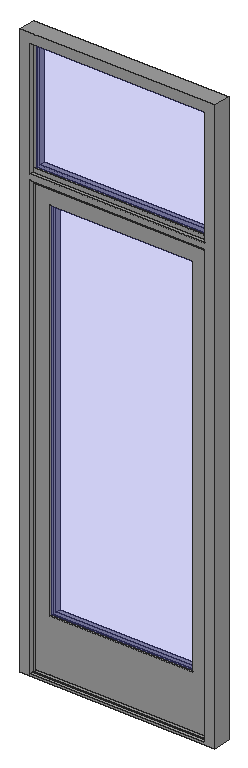
Revit family "SINGLE OUTSWINGING TERRACE DOOR WITH TRANSOM_Eng", category Doors, host Wall, Revit 2017
Family settings
  Host = Wall
  OmniClass Number = 23.30.10.00
  OmniClass Title = Doors
  Always vertical = Yes
  Cut with Voids When Loaded = No
  Shared = No
  Room Calculation Point = No
Parameters
  Wall Thickness [instance] = 0' - 6"
  URL = "obe.com"
  Transom Height = 2' - 0"
  Rough Width = Width + 0' 0 1/2"  # 3' - 0 1/2"
  Rough Height = Height + 0' 0 1/4"  # 9' - 0 1/4"
  Operable Height = 7' - 0"
  Offset Limitation [instance] = if((Offset + 0' 3 1/4") > Wall Thickness, (Wall Thickness - 0' 3 1/4"), Offset)  # 0' - 1"
  Offset [instance] = 0' - 1"
  Model = "TS-AS"
  Manufacturer = "Oldcastle BuildingEnvelope®"
  Keynote = "08 11 00"
  Glass Material = Glass
  Function = Interior
  Height = Operable Height + Transom Height  # 9' - 0"
  Wall Closure = By host
  Width = 3' - 0"
  Frame Material = Aluminum
  Description = "TERRASWING ACCESS-SINGLE OUTSWINGING TERRACE DOOR WITH TRANSOM"
  Assembly Code = "B2030"
  Analytic Construction = "<None>"
Reference planes (in)
  plane 1 "Center (Front/Back)": y = 0
  plane 2 "Center (Left/Right)": x = 0
  plane 3 "Left": x = -18.25
  plane 4 "Right": x = 18.25
  plane 5 "Top": z = 108.25
  plane 6 "Exterior": y = 3
  plane 7 "Interior": y = -3
  plane 8: z = 108
  plane 9: x = 18
  plane 10: x = -18
  plane 11: z = 0.25
  plane 12 "Offset": y = 2
  plane 13 "Center": z = 84
  plane 14: z = 107.3125
  plane 15: z = 84.68805
  plane 16: z = 80.43746
  plane 17: z = 10.3099
  plane 18: z = 42
  plane 19 "INT": y = 1
Forms (in)
  Sweep 1, solid, material "Aluminum" <- "Frame Material"
    path origin (0, 2, 0) x (1, 0, 0) y (0, 0, 1)
      loop
        line (-18, 0) -> (-18, 84)
    profile origin (-18, 2, 42) x (-1, 0, 0) y (0, -1, 0)
      loop
        line (0.25, 3.25) -> (-1.5, 3.25) -> (-1.5, 2.53172) -> (-1.75038, 2.53172) -> (-1.75038, 2.33397) -> (-1.00234, 2.33397) -> (-1.00234, 0.3035) -> (-0.1875, 0.3035) -> (-0.1875, 0) -> (0.25, 0) -> (0.25, 3.25)
  Sweep 2, solid, material "Aluminum" <- "Frame Material"
    path origin (0, 2, 0) x (1, 0, 0) y (0, 0, 1)
      loop
        line (18, 0) -> (18, 84)
    profile origin (18, 2, 42) x (-1, 0, 0) y (0, -1, 0)
      loop
        line (-0.25, 3.24926) -> (-0.25, 0) -> (0.18896, 0) -> (0.18896, 0.30259) -> (1, 0.30259) -> (1, 2.33358) -> (1.75, 2.33358) -> (1.75, 2.53108) -> (1.5, 2.53108) -> (1.5, 3.24926) -> (-0.25, 3.24926)
  Sweep 3, solid, material "Aluminum" <- "Frame Material"
    path origin (0, 2, 0) x (1, 0, 0) y (0, 0, 1)
      loop
        line (18, 84) -> (18, 108.25038)
    profile origin (18, 2, 96.12519) x (-1, 0, 0) y (0, -1, 0)
      loop
        line (1.50038, 3.24979) -> (-0.25, 3.24979) -> (-0.25, 0) -> (0.18731, 0) -> (0.18731, 0.30326) -> (1.75038, 0.30326) -> (1.75038, 1.20904) -> (1.18876, 1.20904) -> (1.18876, 2.20883) -> (1.75038, 2.20883) -> (1.75038, 2.53117) -> (1.50038, 2.53117) -> (1.50038, 3.24979)
  Extrusion 4, solid, material "Glass" <- "Glass Material"
    sketch origin (0, 0, 0) x (1, 0, 0) y (0, 1, 0)
      loop
        line (-13.9385, 1) -> (-13.9385, 0) -> (13.9385, 0) -> (13.9385, 1) -> (-13.9385, 1)
    from 10.3099 to 80.43746
  Extrusion 5, solid, material "Glass" <- "Glass Material"
    sketch origin (0, 0, 0) x (1, 0, 0) y (0, 1, 0)
      loop
        line (-16.81195, -0.20904) -> (16.81124, -0.20904) -> (16.81124, 0.79096) -> (-16.81195, 0.79096) -> (-16.81195, -0.20904)
    from 84.68805 to 107.3125
  Sweep 6, solid, material "Aluminum" <- "Frame Material"
    path origin (0, 2, 0) x (1, 0, 0) y (0, 0, 1)
      loop
        line (18.25, 108) -> (-18.25, 108)
    profile origin (0, 2, 108) x (0, 0, -1) y (0, -1, 0)
      loop
        line (-0.25, 3.25) -> (-0.25, 0) -> (0.1875, 0) -> (0.1875, 0.3035) -> (1.75, 0.3035) -> (1.75, 1.20904) -> (1.18805, 1.20904) -> (1.18805, 2.20904) -> (1.75, 2.20904) -> (1.75, 2.53172) -> (1.5, 2.53172) -> (1.5, 3.25) -> (-0.25, 3.25)
  Sweep 7, solid, material "Aluminum" <- "Frame Material"
    path origin (0, 2, 0) x (1, 0, 0) y (0, 0, 1)
      loop
        line (18, 84) -> (-18, 84)
    profile origin (0, 2, 84) x (0, 0, -1) y (0, -1, 0)
      loop
        line (-1.24999, 2.53195) -> (-1.24999, 2.20926) -> (-0.68805, 2.20926) -> (-0.68805, 1.20926) -> (-1.24999, 1.20926) -> (-1.24999, 0.30372) -> (-0.30329, 0.30372) -> (-0.13728, 0.00022) -> (0.00001, 0.00022) -> (0.00001, 0.30372) -> (0.50001, 0.30372) -> (0.50001, 2.33419) -> (1.25001, 2.33419) -> (1.25001, 2.53195) -> (0.50001, 2.53195) -> (0.50001, 3.25022) -> (-0.49999, 3.25022) -> (-0.49999, 2.53195) -> (-1.24999, 2.53195)
  Sweep 8, solid, material "Aluminum" <- "Frame Material"
    path origin (0, 2, 0) x (1, 0, 0) y (0, 0, 1)
      loop
        line (17, 0.25) -> (-16.99766, 0.25)
    profile origin (0.00117, 2, 0.25) x (0, 0, -1) y (0, -1, 0)
      loop
        line (0.25, 0) -> (0.25, 3.25004) -> (0, 3.25004) -> (-0.25404, 2.74196) -> (-0.31515, 2.67947) -> (-0.31515, 0.64294) -> (0.00632, 0) -> (0.25, 0)
  Sweep 9, solid, material "Aluminum" <- "Frame Material"
    path origin (0, 2, 0) x (1, 0, 0) y (0, 0, 1)
      loop
        line (-18, 108.25038) -> (-18, 84)
    profile origin (-18, 2, 96.12519) x (0, -1, 0) y (1, 0, 0)
      loop
        line (3.25, 1.5) -> (2.53172, 1.5) -> (2.53172, 1.75038) -> (2.20904, 1.75038) -> (2.20904, 1.18805) -> (1.20904, 1.18805) -> (1.20904, 1.75038) -> (0.3035, 1.75038) -> (0.3035, 0.1875) -> (0, 0.1875) -> (0, -0.25) -> (3.25, -0.25) -> (3.25, 1.5)
  Sweep 10, solid, material "Aluminum" <- "Frame Material"
    path origin (0, 2, 0) x (1, 0, 0) y (0, 0, 1)
      loop
        line (-17.25, 84) -> (17.24999, 84)
    profile origin (-0.00001, 2, 84) x (0, 0, 1) y (0, -1, 0)
      loop
        line (-0.95273, 0.16572) -> (-0.95273, 1.1619) -> (-1.25806, 1.1619) -> (-1.25806, 2.10678) -> (-1.00025, 2.10678) -> (-1.00025, 2.25004) -> (-4.06277, 2.25004) -> (-4.06277, 2.00004) -> (-3.56277, 2.00004) -> (-3.56277, 1.00004) -> (-4.06277, 1.00004) -> (-4.06277, 0.00004) -> (-0.25026, 0.00004) -> (-0.25026, 0.16572) -> (-0.95273, 0.16572)
  Sweep 11, solid, material "Aluminum" <- "Frame Material"
    path origin (0, 2, 0) x (1, 0, 0) y (0, 0, 1)
      loop
        line (17.24999, 0) -> (-17.25, 0)
    profile origin (-0.00001, 2, 0) x (0, 0, -1) y (0, -1, 0)
      loop
        line (-10.80985, 0.00007) -> (-0.76261, 0.00007) -> (-0.76261, 1.16187) -> (-1.06767, 1.16187) -> (-1.06767, 2.10675) -> (-0.80985, 2.10675) -> (-0.80985, 2.25004) -> (-10.80985, 2.25004) -> (-10.80985, 2.00007) -> (-10.30985, 2.00007) -> (-10.30985, 1.00007) -> (-10.80985, 1.00007) -> (-10.80985, 0.00007)
  Sweep 12, solid, material "Aluminum" <- "Frame Material"
    path origin (0, 2, 0) x (1, 0, 0) y (0, 0, 1)
      loop
        line (18.25, 0.76261) -> (18.25, 83.75002)
    profile origin (18.25, 2, 42.25632) x (-1, 0, 0) y (0, -1, 0)
      loop
        line (4.8125, 2.00004) -> (4.8125, 2.25) -> (1.75, 2.25) -> (1.75, 2.10671) -> (2.00782, 2.10671) -> (2.00782, 1.16183) -> (1.70318, 1.16183) -> (1.70318, 0.16569) -> (1.00001, 0.16569) -> (1.00001, 0) -> (4.8125, 0) -> (4.8125, 1.008) -> (4.3115, 1.008) -> (4.3115, 2.00004) -> (4.8125, 2.00004)
  Sweep 13, solid, material "Aluminum" <- "Frame Material"
    path origin (0, 2, 0) x (1, 0, 0) y (0, 0, 1)
      loop
        line (-18, 0.76261) -> (-18, 83.75002)
    profile origin (-18, 2, 42.25632) x (-1, 0, 0) y (0, -1, 0)
      loop
        line (-0.75, 0.16565) -> (-1.45276, 0.16565) -> (-1.45276, 1.16183) -> (-1.75782, 1.16183) -> (-1.75782, 2.10671) -> (-1.5, 2.10671) -> (-1.5, 2.25) -> (-4.5625, 2.25) -> (-4.5625, 2) -> (-4.0615, 2) -> (-4.0615, 1.00004) -> (-4.5625, 1.00004) -> (-4.5625, 0) -> (-0.75, 0) -> (-0.75, 0.16565)
  Sweep 14, void
    path origin (0, 2, 0) x (1, 0, 0) y (0, 0, 1)
      loop
        line (17.24999, 0.25) -> (-17.25, 0.25)
    profile origin (-0.00001, 2, 0.25) x (0, 0, -1) y (0, -1, 0)
      loop
        line (-0.51261, 2.10671) -> (-0.81767, 2.10671) -> (-0.81767, 1.16183) -> (-0.51261, 1.16183) -> (-0.51261, 2.10671)
  Sweep 15, void
    path origin (0, 2, 0) x (1, 0, 0) y (0, 0, 1)
      loop
        line (17.5, 0.76261) -> (17.5, 84) -> (-17.5, 84) -> (-17.5, 0.76261)
    profile origin (0, 2, 84) x (0, 0, -1) y (0, -1, 0)
      loop
        line (0.95273, 0.16572) -> (0.95273, 1.16187) -> (1.2578, 1.16187) -> (1.2578, 2.10675) -> (0.99998, 2.10675) -> (0.99998, 2.25004) -> (0.24999, 2.25004) -> (0.24999, 0.16572) -> (0.95273, 0.16572)
Cuts and joins
  Sweep 14 cuts Sweep 1
  Sweep 14 cuts Sweep 2
  Sweep 14 cuts Sweep 3
  Sweep 14 cuts Sweep 6
  Sweep 14 cuts Sweep 7
  Sweep 14 cuts Sweep 8
  Sweep 14 cuts Sweep 9
  joined: Sweep 1, Sweep 2, Sweep 3, Sweep 6, Sweep 7, Sweep 8, Sweep 9
  Sweep 14, Sweep 15 cuts Sweep 10
  Sweep 14, Sweep 15 cuts Sweep 11
  Sweep 14, Sweep 15 cuts Sweep 12
  Sweep 14, Sweep 15 cuts Sweep 13
  joined: Sweep 10, Sweep 11, Sweep 12, Sweep 13
Lines and regions (in)
  Opening 1
    outline origin (-90, -3, 0) x (1, 0, 0) y (0, 0, 1)
      loop
        line (71.75, 0) -> (108.25, 0) -> (108.25, 108.25) -> (71.75, 108.25) -> (71.75, 0)
  model lines, style "DoorsHiddenLines"
    curve 1: line (-13.4375, 1, 79.93746) -> (13.4375, 1, 42)
    curve 2: line (13.4375, 1, 42) -> (-13.4375, 1, 10.8109)
Text (in)
  text "Exterior" at (-74.96733, 27.31104, 0), in view "Ref. Level"
  text "Interior" at (-74.96733, -25.14366, 0), in view "Ref. Level"
  text "Exterior" at (0, 40.15149, 123.01588), in view "Right"
  text "Interior" at (0, -64.39139, 123.01588), in view "Right"
  text "Interior" at (0, -31.01599, 123.00693), in view "Left"
  text "Exterior" at (0, 54.57065, 123.00693), in view "Left"
Dimensions and locks (in)
  equal spacing: plane 3 "Left", plane 2 "Center (Left/Right)", plane 4 "Right"
  locked: level to plane 11 at 0.25
  locked: plane 9 to plane 4 "Right" at 0.25
  "Width": plane 10 to plane 9
  "Rough Width": plane 3 "Left" to plane 4 "Right"
  "Offset Limitation": plane 12 "Offset" to plane 6 "Exterior"
  "Wall Thickness": host wall to host wall
  equal spacing: level, plane 18, plane 13 "Center"
  locked: plane 12 "Offset" to plane 19 "INT" at 1
  locked: plane 3 "Left" to Extrusion 4 sketch curve at 4.3115
  locked: Extrusion 4 sketch curve to plane 4 "Right" at 4.3115
  locked: plane 3 "Left" to Extrusion 5 sketch curve at 1.43805
  locked: Sweep 12 sketch curve to plane 15 at 0.93803
  locked: level to Sweep 12 sketch curve at 0.76261
  locked: Sweep 13 sketch curve to plane 15 at 0.93803
  locked: level to Sweep 13 sketch curve at 0.76261
  locked: plane 3 "Left" to Sweep 10 sketch curve at 1
  locked: Sweep 10 sketch curve to plane 4 "Right" at 1.00001
  locked: plane 3 "Left" to Sweep 8 sketch curve at 1.25234
  locked: Sweep 8 sketch curve to plane 4 "Right" at 1.25
  locked: nested 2 to plane 12 "Offset" at 3.25
  Extrusion 4 sketch curve to Extrusion 4 sketch curve to plane 12 "Offset" = 0' - 1" locked, 0' - 1" locked
  locked: nested 3 to plane 12 "Offset" at 3.25
  Extrusion 5 sketch curve to Extrusion 5 sketch curve to plane 12 "Offset" = 0' - 1" locked, 0' - 1.20904" locked
  plane 16 to plane 13 "Center" to plane 15 = 0' - 3.56254", 0' - 0.68805"
  locked: plane 17 to level at 10.3099
  plane 14 to plane 8 = 0' - 0 11/16"
  locked: plane 10 to Sweep 11 sketch curve at 0.75
  locked: Sweep 11 sketch curve to plane 9 at 0.75001
  locked: Sweep 14 sketch curve to plane 9 at 0.75001
  locked: plane 10 to Sweep 14 sketch curve at 0.75
  "Operable Height": level to plane 13 "Center"
  "Rough Height": level to plane 5 "Top"
  "Transom Height": plane 13 "Center" to plane 8
  locked: level to Sweep 15 sketch curve at 0.76261  (x2)
  locked: plane 10 to Sweep 15 sketch curve at 0.5
  locked: Sweep 15 sketch curve to plane 9 at 0.5
  aligned and locked: plane 3 "Left" to Opening 1 sketch curve
  aligned and locked: plane 5 "Top" to Opening 1 sketch curve  (x2)
  aligned and locked: Opening 1 sketch curve to plane 4 "Right"
  aligned and locked: Opening 1 sketch curve to level
  aligned and locked: plane 6 "Exterior" to host wall
  aligned and locked: plane 7 "Interior" to host wall
  aligned and locked: plane 16 to Extrusion 4
  aligned and locked: Extrusion 5 to plane 15
  aligned and locked: Sweep 10 sketch curve to plane 13 "Center"
  aligned and locked: Sweep 11 sketch curve to level
  aligned and locked: plane 4 "Right" to Sweep 12 sketch curve
  aligned and locked: plane 18 to curve 2
  aligned and locked: plane 9 to Sweep 7 sketch curve
  aligned and locked: plane 10 to Sweep 7 sketch curve
  aligned and locked: plane 2 "Center (Left/Right)" to nested 1
  aligned and locked: plane 14 to Extrusion 5
  aligned and locked: Extrusion 4 to plane 17
  aligned and locked: nested 1 to level
  aligned and locked: plane 12 "Offset" to nested 1
  aligned and locked: plane 11 to Sweep 14 sketch curve
  aligned and locked: plane 13 "Center" to Sweep 15 sketch curve
Automatic sketch dimensions
  plane 10 to Sweep 1 sketch curve = 0' - 0"
  Sweep 1 sketch curve to level = 0' - 0"
  Sweep 1 sketch curve to plane 13 "Center" = 0' - 0"
  plane 9 to Sweep 2 sketch curve = 0' - 0"
  Sweep 2 sketch curve to level = 0' - 0"
  Sweep 2 sketch curve to plane 13 "Center" = 0' - 0"
  plane 9 to Sweep 3 sketch curve = 0' - 0"
  Sweep 3 sketch curve to plane 13 "Center" = 0' - 0"
  Sweep 3 sketch curve to plane 5 "Top" = 0' - 0.00038"
  plane 3 "Left" to Sweep 6 sketch curve = 0' - 0"
  plane 4 "Right" to Sweep 6 sketch curve = 0' - 0"
  Sweep 6 sketch curve to plane 8 = 0' - 0"
  Sweep 7 sketch curve to plane 13 "Center" = 0' - 0"
  plane 10 to Sweep 9 sketch curve = 0' - 0"
  Sweep 9 sketch curve to plane 13 "Center" = 0' - 0"
  Sweep 9 sketch curve to plane 5 "Top" = 0' - 0.00038"
  plane 9 to curve 2 = 0' - 4 9/16"
  curve 1 to plane 16 = 0' - 0 1/2"
  curve 1 to plane 10 = 0' - 4 9/16"
  curve 2 to plane 10 = 0' - 4 9/16"
  plane 17 to curve 2 = 0' - 0.501"
  plane 10 to Sweep 13 sketch curve = 0' - 0"
  plane 9 to Extrusion 5 sketch curve = 0' - 1.18876"
  Sweep 8 sketch curve to plane 11 = 0' - 0"
  profile plane to Sweep 1 sketch curve = 0' - 1.75038"
  Sweep 1 sketch curve to Sweep 1 sketch curve = 0' - 0.25038"
  Sweep 1 sketch curve to Sweep 1 sketch curve = 0' - 0.49766"
  profile plane to Sweep 1 sketch curve = 0' - 0 3/16"
  Sweep 1 sketch curve to profile plane = 0' - 0 1/4"
  Sweep 1 sketch curve to plane 12 "Offset" = 0' - 0"
  Sweep 1 sketch curve to Sweep 1 sketch curve = 0' - 0.3035"
  plane 12 "Offset" to Sweep 1 sketch curve = 0' - 2.33397"
  Sweep 1 sketch curve to Sweep 1 sketch curve = 0' - 0.19776"
  Sweep 1 sketch curve to Sweep 1 sketch curve = 0' - 0.71828"
  profile plane to Sweep 2 sketch curve = 0' - 0 1/4"
  Sweep 2 sketch curve to profile plane = 0' - 0.18896"
  Sweep 2 sketch curve to Sweep 2 sketch curve = 0' - 0.81104"
  Sweep 2 sketch curve to Sweep 2 sketch curve = 0' - 0 1/2"
  Sweep 2 sketch curve to Sweep 2 sketch curve = 0' - 0 1/4"
  Sweep 2 sketch curve to plane 12 "Offset" = 0' - 0"
  plane 12 "Offset" to Sweep 2 sketch curve = 0' - 0.30259"
  plane 12 "Offset" to Sweep 2 sketch curve = 0' - 2.33358"
  Sweep 2 sketch curve to Sweep 2 sketch curve = 0' - 0.1975"
  Sweep 2 sketch curve to Sweep 2 sketch curve = 0' - 0.71818"
  Sweep 13 sketch curve to plane 12 "Offset" = 0' - 0"
  profile plane to Sweep 13 sketch curve = 0' - 4 9/16"
  Sweep 13 sketch curve to Sweep 13 sketch curve = 0' - 0"
  Sweep 13 sketch curve to Sweep 13 sketch curve = 0' - 0.501"
  profile plane to Sweep 13 sketch curve = 0' - 1 1/2"
  Sweep 13 sketch curve to Sweep 13 sketch curve = 0' - 0.70276"
  Sweep 13 sketch curve to Sweep 13 sketch curve = 0' - 0.16565"
  Sweep 13 sketch curve to Sweep 13 sketch curve = 0' - 0.99996"
  Sweep 13 sketch curve to Sweep 13 sketch curve = 0' - 0 1/4"
  Sweep 12 sketch curve to profile plane = 0' - 1"
  Sweep 12 sketch curve to Sweep 12 sketch curve = 0' - 0.70316"
  Sweep 12 sketch curve to Sweep 12 sketch curve = 0' - 2.60832"
  Sweep 12 sketch curve to Sweep 12 sketch curve = 0' - 0.501"  (x2)
  plane 12 "Offset" to Sweep 12 sketch curve = 0' - 1.008"
  plane 12 "Offset" to Sweep 12 sketch curve = 0' - 0.16569"
  Sweep 12 sketch curve to plane 12 "Offset" = 0' - 0"
  Sweep 12 sketch curve to Sweep 12 sketch curve = 0' - 0.24996"
  Sweep 9 sketch curve to profile plane = 0' - 0 3/16"
  Sweep 9 sketch curve to plane 12 "Offset" = 0' - 0"
  Sweep 9 sketch curve to Sweep 9 sketch curve = 0' - 0.3035"
  plane 12 "Offset" to Sweep 9 sketch curve = 0' - 1.20904"
  Sweep 9 sketch curve to Sweep 9 sketch curve = 0' - 1"
  Sweep 9 sketch curve to Sweep 9 sketch curve = 0' - 0.32269"
  Sweep 9 sketch curve to Sweep 9 sketch curve = 0' - 0.71828"
  profile plane to Sweep 9 sketch curve = 0' - 0 1/4"
  Sweep 9 sketch curve to profile plane = 0' - 1.18805"
  Sweep 9 sketch curve to Sweep 9 sketch curve = 0' - 0.31195"
  Sweep 9 sketch curve to Sweep 9 sketch curve = 0' - 0.56233"
  Sweep 9 sketch curve to Sweep 9 sketch curve = 0' - 0.25038"
  plane 12 "Offset" to Sweep 11 sketch curve = 0' - 0.00007"
  profile plane to Sweep 11 sketch curve = 0' - 10.80985"
  Sweep 11 sketch curve to Sweep 11 sketch curve = 0' - 0"
  Sweep 11 sketch curve to Sweep 11 sketch curve = 0' - 0 1/2"
  plane 12 "Offset" to Sweep 11 sketch curve = 0' - 1.00007"
  plane 12 "Offset" to Sweep 11 sketch curve = 0' - 2.00007"
  plane 12 "Offset" to Sweep 11 sketch curve = 0' - 2.25004"
  plane 12 "Offset" to Sweep 8 sketch curve = 0' - 3.25004"
  profile plane to Sweep 8 sketch curve = 0' - 0.31515"
  Sweep 8 sketch curve to profile plane = 0' - 0"
  Sweep 8 sketch curve to profile plane = 0' - 0.00632"
  Sweep 8 sketch curve to profile plane = 0' - 0 1/4"
  plane 12 "Offset" to Sweep 8 sketch curve = 0' - 2.74196"
  Sweep 8 sketch curve to Sweep 8 sketch curve = 0' - 2.03653"
  Sweep 8 sketch curve to Sweep 8 sketch curve = 0' - 0.64294"
  profile plane to Sweep 10 sketch curve = 0' - 4.06277"
  Sweep 10 sketch curve to Sweep 10 sketch curve = 0' - 0"
  Sweep 10 sketch curve to Sweep 10 sketch curve = 0' - 0 1/2"
  profile plane to Sweep 10 sketch curve = 0' - 0.95273"
  profile plane to Sweep 10 sketch curve = 0' - 0.25026"
  plane 12 "Offset" to Sweep 10 sketch curve = 0' - 1.00004"
  plane 12 "Offset" to Sweep 10 sketch curve = 0' - 0.16572"
  Sweep 10 sketch curve to Sweep 10 sketch curve = 0' - 0.16569"
  Sweep 10 sketch curve to Sweep 10 sketch curve = 0' - 0 1/4"
  plane 12 "Offset" to Sweep 3 sketch curve = 0' - 0"
  profile plane to Sweep 3 sketch curve = 0' - 0 1/4"
  Sweep 3 sketch curve to profile plane = 0' - 0.18731"
  Sweep 3 sketch curve to profile plane = 0' - 1.18876"
  Sweep 3 sketch curve to Sweep 3 sketch curve = 0' - 0.31161"
  Sweep 3 sketch curve to Sweep 3 sketch curve = 0' - 0.56161"
  Sweep 3 sketch curve to Sweep 3 sketch curve = 0' - 0 1/4"
  plane 12 "Offset" to Sweep 3 sketch curve = 0' - 0.30326"
  Sweep 3 sketch curve to Sweep 3 sketch curve = 0' - 0.90577"
  Sweep 3 sketch curve to Sweep 3 sketch curve = 0' - 0.99979"
  Sweep 3 sketch curve to Sweep 3 sketch curve = 0' - 0.32235"
  Sweep 3 sketch curve to Sweep 3 sketch curve = 0' - 0.71862"
  Sweep 10 sketch curve to Sweep 10 sketch curve = 0' - 0.99618"
  Sweep 10 sketch curve to Sweep 10 sketch curve = 0' - 0.94488"
  Sweep 10 sketch curve to Sweep 10 sketch curve = 0' - 0.04751"
  Sweep 10 sketch curve to Sweep 10 sketch curve = 0' - 1.08813"
  Sweep 10 sketch curve to Sweep 10 sketch curve = 0' - 0 33/128"
  Sweep 7 sketch curve to profile plane = 0' - 0"
  plane 12 "Offset" to Sweep 7 sketch curve = 0' - 0.00022"
  profile plane to Sweep 7 sketch curve = 0' - 0.13728"
  profile plane to Sweep 7 sketch curve = 0' - 0.30329"
  profile plane to Sweep 7 sketch curve = 0' - 0 1/2"
  Sweep 7 sketch curve to Sweep 7 sketch curve = 0' - 0.18806"
  Sweep 7 sketch curve to Sweep 7 sketch curve = 0' - 0.56194"  (x2)
  Sweep 7 sketch curve to profile plane = 0' - 0 1/2"  (x2)
  Sweep 7 sketch curve to Sweep 7 sketch curve = 0' - 0 3/4"
  plane 12 "Offset" to Sweep 7 sketch curve = 0' - 0.30372"
  Sweep 7 sketch curve to Sweep 7 sketch curve = 0' - 0"
  Sweep 7 sketch curve to Sweep 7 sketch curve = 0' - 0.90554"
  Sweep 7 sketch curve to Sweep 7 sketch curve = 0' - 1"
  Sweep 7 sketch curve to Sweep 7 sketch curve = 0' - 0.12493"
  Sweep 7 sketch curve to Sweep 7 sketch curve = 0' - 0.19776"
  Sweep 7 sketch curve to Sweep 7 sketch curve = 0' - 0.32269"
  Sweep 7 sketch curve to Sweep 7 sketch curve = 0' - 0.71828"
  Sweep 11 sketch curve to Sweep 11 sketch curve = 0' - 0.30506"
  Sweep 11 sketch curve to Sweep 11 sketch curve = 0' - 0.14329"
  Sweep 11 sketch curve to Sweep 11 sketch curve = 0' - 0 33/128"
  Sweep 11 sketch curve to Sweep 11 sketch curve = 0' - 1.08817"
  profile plane to Sweep 11 sketch curve = 0' - 0.76261"
  Sweep 8 sketch curve to plane 12 "Offset" = 0' - 0"
  Sweep 8 sketch curve to Sweep 8 sketch curve = 0' - 0.06111"
  Sweep 12 sketch curve to Sweep 12 sketch curve = 0' - 0.30464"
  Sweep 12 sketch curve to Sweep 12 sketch curve = 0' - 0.99614"
  Sweep 12 sketch curve to Sweep 12 sketch curve = 0' - 0.94488"
  Sweep 12 sketch curve to Sweep 12 sketch curve = 0' - 0.04682"
  Sweep 12 sketch curve to Sweep 12 sketch curve = 0' - 0.14329"
  Sweep 13 sketch curve to Sweep 13 sketch curve = 0' - 0.99618"
  Sweep 13 sketch curve to Sweep 13 sketch curve = 0' - 0.94488"
  Sweep 13 sketch curve to Sweep 13 sketch curve = 0' - 0.04724"
  Sweep 13 sketch curve to Sweep 13 sketch curve = 0' - 0 33/128"
  Sweep 13 sketch curve to Sweep 13 sketch curve = 0' - 0.14329"
  plane 12 "Offset" to Sweep 14 sketch curve = 0' - 1.16183"
  profile plane to Sweep 14 sketch curve = 0' - 0.81767"
  profile plane to Sweep 14 sketch curve = 0' - 0.51261"
  Sweep 14 sketch curve to Sweep 14 sketch curve = 0' - 0.94488"
  Sweep 6 sketch curve to plane 12 "Offset" = 0' - 0"
  profile plane to Sweep 6 sketch curve = 0' - 0 1/4"
  Sweep 6 sketch curve to profile plane = 0' - 0 3/16"
  Sweep 6 sketch curve to profile plane = 0' - 1.18805"
  Sweep 6 sketch curve to Sweep 6 sketch curve = 0' - 0.31195"
  Sweep 6 sketch curve to Sweep 6 sketch curve = 0' - 0 1/4"
  plane 12 "Offset" to Sweep 6 sketch curve = 0' - 0.3035"
  Sweep 6 sketch curve to Sweep 6 sketch curve = 0' - 0.56195"
  Sweep 6 sketch curve to Sweep 6 sketch curve = 0' - 0.90554"
  Sweep 6 sketch curve to Sweep 6 sketch curve = 0' - 1"
  Sweep 6 sketch curve to Sweep 6 sketch curve = 0' - 0.32269"
  Sweep 6 sketch curve to Sweep 6 sketch curve = 0' - 1.04096"
  Sweep 15 sketch curve to Sweep 15 sketch curve = 0' - 0.99614"
  Sweep 15 sketch curve to Sweep 15 sketch curve = 0' - 0.30506"
  plane 12 "Offset" to Sweep 15 sketch curve = 0' - 0.16572"
  Sweep 15 sketch curve to Sweep 15 sketch curve = 0' - 0 3/4"
  Sweep 15 sketch curve to Sweep 15 sketch curve = 0' - 0 33/128"
  Sweep 15 sketch curve to Sweep 15 sketch curve = 0' - 0.94488"
  Sweep 15 sketch curve to Sweep 15 sketch curve = 0' - 0.14329"
  Sweep 15 sketch curve to profile plane = 0' - 0 1/4"
Nested families (in)
  nested 1: "TS-AS-Section Operable" at (0, 2, 0), Operable Height <- "Operable Height", Transom Height <- "Transom Height", Width <- "Width", type "TS-AS-Section Operable"
    with Width 3' - 0", Transom Height 2' - 0", Operable Height 7' - 0"
  nested 2: "TS-AS-Plan View" at (0, -1.25, 0.25) x (-1, 0, 0) z (0, 0, 1), Operable Height <- "Operable Height", Width <- "Width", type "TS-AS-Plan View"
    with Width 3' - 0", Operable Height 7' - 0"
  nested 3: "TS-AS-Transom View" at (0, -1.25, 0.25), Operable Height <- "Operable Height", Transom Height <- "Transom Height", Width <- "Width", type "TS-AS-Transom View"
    with Width 3' - 0", Transom Height 2' - 0", Operable Height 7' - 0"
Definition of nested family "TS-AS-Section Operable"
  Parameters (values of type "TS-AS-Section Operable")
    Width [instance] = 3' - 0"
    Transom Height [instance] = 2' - 0"
    Operable Height [instance] = 7' - 0"
    Analytic Construction = "<None>"
  Reference planes (in)
    plane 1 "Center (Front/Back)": y = 0
    plane 2: z = 0
    plane 3 "Center (Left/Right)": x = 0
  Lines and regions (in)
    model lines, not visible
      curve 1: line (-18, 0, 0) -> (18, 0, 0)
  Dimensions and locks (in)
    equal spacing: curve 1, plane 3 "Center (Left/Right)", curve 1
    "Width": curve 1 to curve 1
    aligned and locked: plane 2 to level
    aligned and locked: plane 1 "Center (Front/Back)" to nested 1
    aligned and locked: nested 1 to level
    aligned and locked: plane 1 "Center (Front/Back)" to curve 1
  Nested families (in)
    nested 1: "TS-AS-Section Operable" at (0, 0, 0) x (0, -1, 0) z (-1, 0, 0), Operable Height <- "Operable Height", Transom Height <- "Transom Height", type "TS-AS-Section Operable"
      with Transom Height 2' - 0", Operable Height 7' - 0"
  Definition of nested family "TS-AS-Section Operable"
    Parameters (values of type "TS-AS-Section Operable")
      Transom Height [instance] = 2' - 0"
      Operable Height [instance] = 7' - 0"
    Reference planes (in)
      plane 1 "Center (Front/Back)": y = 0
      plane 2: z = 0
      plane 3 "Center (Left/Right)": x = 0
      plane 4: y = 108
      plane 5: y = 106.81195
      plane 6: y = 10.30985
      plane 7: y = 84
      plane 8: y = 84.68806
      plane 9: y = 80.4375
    Lines and regions (in)
      detail lines, in view "Ref. Level"
        curve 1: line (2.00004, 10.30985, 0) -> (2.00004, 80.4375, 0)
        curve 2: line (1.00004, 10.30985, 0) -> (1.00004, 80.4375, 0)
        curve 3: line (1.20904, 84.68806, 0) -> (1.20904, 106.81195, 0)
        curve 4: line (2.20904, 84.68806, 0) -> (2.20904, 106.81195, 0)
    Dimensions and locks (in)
      "Operable Height": plane 1 "Center (Front/Back)" to plane 7
      locked: plane 6 to plane 1 "Center (Front/Back)" at 10.30985
      locked: plane 4 to plane 5 at 1.18805
      "Transom Height": plane 4 to plane 7
      plane 8 to plane 7 to plane 9 = 0' - 0.68806" locked, 0' - 3 9/16" locked
      aligned and locked: plane 6 to curve 1
      aligned and locked: plane 6 to curve 2
      aligned and locked: plane 9 to curve 2
      aligned and locked: plane 9 to curve 1
      aligned and locked: plane 8 to curve 3
      aligned and locked: plane 8 to curve 4
      aligned and locked: plane 5 to curve 4
      aligned and locked: plane 5 to curve 3
      aligned and locked: plane 3 "Center (Left/Right)" to nested 1
      aligned and locked: plane 3 "Center (Left/Right)" to nested 2
      aligned and locked: plane 3 "Center (Left/Right)" to nested 3
      aligned and locked: curve 3 to nested 3
      aligned and locked: curve 4 to nested 3
      aligned and locked: nested 2 to plane 7
      aligned and locked: nested 3 to plane 4
      aligned and locked: plane 1 "Center (Front/Back)" to nested 1
    Automatic sketch dimensions
      plane 3 "Center (Left/Right)" to curve 2 = 0' - 1.00004"
      curve 2 to curve 1 = 0' - 1"
    Nested families (in)
      nested 1: "TS-3-SL" at (0, 0, 0), type "TS-3-SL", in view "Ref. Level"
      nested 2: "TS-5-H" at (0, 84, 0), type "TS-5-H", in view "Ref. Level"
      nested 3: "TS-2-HD" at (0, 108, 0), type "TS-2-HD", in view "Ref. Level"
    Definition of nested family "TS-3-SL"
      Reference planes (in)
        plane 1 "Center (Front/Back)": y = 0
        plane 2: z = 0
        plane 3 "Center (Left/Right)": x = 0
      Lines and regions (in)
        detail lines, in view "Ref. Level", detail levels coarse
          curve 1: line (0, 0, 0) -> (3.25004, 0, 0)
          curve 2: line (3.25004, 0, 0) -> (3.25004, 0.25, 0)
          curve 3: line (3.25004, 0.25, 0) -> (2.74196, 0.50404, 0)
          curve 4: line (2.74196, 0.50404, 0) -> (2.67947, 0.56515, 0)
          curve 5: line (2.67947, 0.56515, 0) -> (0.64294, 0.56515, 0)
          curve 6: line (0, 0, 0) -> (0, 0.24368, 0)
          curve 7: line (0, 0.24368, 0) -> (0.64294, 0.56515, 0)
          curve 8: line (0, 0.76261, 0) -> (0, 10.80985, 0)
          curve 9: line (0, 10.80985, 0) -> (1.00007, 10.80985, 0)
          curve 10: line (1.00007, 10.80985, 0) -> (1.00007, 10.3099, 0)
          curve 11: line (1.00007, 10.3099, 0) -> (2.00007, 10.3099, 0)
          curve 12: line (2.00007, 10.3099, 0) -> (2.00007, 10.80985, 0)
          curve 13: line (2.00007, 10.80985, 0) -> (2.25007, 10.80985, 0)
          curve 14: line (2.25007, 10.80985, 0) -> (2.25007, 0.80985, 0)
          curve 15: line (1.16187, 0.76261, 0) -> (0, 0.76261, 0)
          curve 16: line (2.10675, 1.06767, 0) -> (1.16187, 1.06767, 0)
          curve 17: line (1.16187, 0.76261, 0) -> (1.16187, 1.06767, 0)
          curve 18: line (2.10675, 0.80985, 0) -> (2.10675, 1.06767, 0)
          curve 19: line (2.25007, 0.80985, 0) -> (2.10675, 0.80985, 0)
    Definition of nested family "TS-5-H"
      Reference planes (in)
        plane 1 "Center (Front/Back)": y = 0
        plane 2: z = 0
        plane 3 "Center (Left/Right)": x = 0
      Lines and regions (in)
        detail lines, in view "Ref. Level", detail levels coarse
          curve 1: line (2.00004, -4.06248, 0) -> (2.00004, -3.56253, 0)
          curve 2: line (2.00004, -3.56253, 0) -> (1.00004, -3.56253, 0)
          curve 3: line (1.00004, -3.56253, 0) -> (1.00004, -4.06248, 0)
          curve 4: line (1.00004, -4.06248, 0) -> (0, -4.06248, 0)
          curve 5: line (0, -4.06248, 0) -> (0, -0.24999, 0)
          curve 6: line (0, -0.24999, 0) -> (0.16569, -0.24999, 0)
          curve 7: line (0.16569, -0.95273, 0) -> (0.16569, -0.24999, 0)
          curve 8: line (0.16569, -0.95273, 0) -> (1.16187, -0.95273, 0)
          curve 9: line (2.25004, -0.99998, 0) -> (2.25004, -4.06248, 0)
          curve 10: line (2.25004, -4.06248, 0) -> (2.00004, -4.06248, 0)
          curve 11: line (2.33404, -1.24999, 0) -> (2.53172, -1.24999, 0)
          curve 12: line (2.53172, -1.24999, 0) -> (2.53172, -0.49999, 0)
          curve 13: line (2.53172, -0.49999, 0) -> (3.25, -0.49999, 0)
          curve 14: line (3.25, -0.49999, 0) -> (3.25, 0.50001, 0)
          curve 15: line (3.25, 0.50001, 0) -> (2.53172, 0.50001, 0)
          curve 16: line (2.53172, 0.50001, 0) -> (2.53172, 1.25001, 0)
          curve 17: line (2.53172, 1.25001, 0) -> (2.20904, 1.25001, 0)
          curve 18: line (2.20904, 1.25001, 0) -> (2.20904, 0.68806, 0)
          curve 19: line (2.20904, 0.68806, 0) -> (1.20904, 0.68806, 0)
          curve 20: line (1.20904, 0.68806, 0) -> (1.20904, 1.25001, 0)
          curve 21: line (1.20904, 1.25001, 0) -> (0.3035, 1.25001, 0)
          curve 22: line (0.3035, 1.25001, 0) -> (0.3035, 0.3033, 0)
          curve 23: line (0.3035, 0.3033, 0) -> (0, 0.13729, 0)
          curve 24: line (0, 0.13729, 0) -> (0, 0, 0)
          curve 25: line (0, 0, 0) -> (0.3035, 0, 0)
          curve 26: line (0.3035, -0.49999, 0) -> (2.33404, -0.49999, 0)
          curve 27: line (2.33404, -1.24999, 0) -> (2.33404, -0.49999, 0)
          curve 28: line (0.3035, -0.49999, 0) -> (0.3035, 0, 0)
          curve 29: line (1.16187, -0.95273, 0) -> (1.16187, -1.2578, 0)
          curve 30: line (2.10675, -1.2578, 0) -> (1.16187, -1.2578, 0)
          curve 31: line (2.10675, -0.99998, 0) -> (2.10675, -1.2578, 0)
          curve 32: line (2.25004, -0.99998, 0) -> (2.10675, -0.99998, 0)
    Definition of nested family "TS-2-HD"
      Reference planes (in)
        plane 1 "Center (Front/Back)": y = 0
        plane 2: z = 0
        plane 3 "Center (Left/Right)": x = 0
      Lines and regions (in)
        detail lines, in view "Ref. Level"
          curve 1: line (0, 0.25, 0) -> (3.25, 0.25, 0)
          curve 2: line (3.25, 0.25, 0) -> (3.25, -1.5, 0)
          curve 3: line (3.25, -1.5, 0) -> (2.53172, -1.5, 0)
          curve 4: line (2.53172, -1.5, 0) -> (2.53172, -1.75, 0)
          curve 5: line (2.53172, -1.75, 0) -> (2.20904, -1.75, 0)
          curve 6: line (2.20904, -1.75, 0) -> (2.20904, -1.18805, 0)
          curve 7: line (2.20904, -1.18805, 0) -> (1.20904, -1.18805, 0)
          curve 8: line (1.20904, -1.18805, 0) -> (1.20904, -1.75, 0)
          curve 9: line (1.20904, -1.75, 0) -> (0.3035, -1.75, 0)
          curve 10: line (0.3035, -1.75, 0) -> (0.3035, -0.1875, 0)
          curve 11: line (0.3035, -0.1875, 0) -> (0, -0.1875, 0)
          curve 12: line (0, -0.1875, 0) -> (0, 0.25, 0)
Definition of nested family "TS-AS-Plan View"
  Parameters (values of type "TS-AS-Plan View")
    Width [instance] = 3' - 0"
    Operable Height [instance] = 3' - 0"
    Analytic Construction = "<None>"
  Reference planes (in)
    plane 1 "Center (Front/Back)": y = 0
    plane 2: z = 0
    plane 3 "Center (Left/Right)": x = 0
  Lines and regions (in)
    model lines, not visible
      curve 1: line (0, 0, 0) -> (0, 0, 36)
  Dimensions and locks (in)
    "Operable Height": curve 1 to curve 1
    aligned and locked: plane 2 to level
    aligned and locked: plane 1 "Center (Front/Back)" to nested 1
    aligned and locked: plane 3 "Center (Left/Right)" to nested 1
    aligned and locked: plane 2 to curve 1
    aligned and locked: plane 1 "Center (Front/Back)" to curve 1
  Nested families (in)
    nested 1: "TS-AS-Plan View" at (-12, 0, 0), Width <- "Width", type "TS-AS-Plan View"
  Definition of nested family "TS-AS-Plan View"
    Parameters (values of type "TS-AS-Plan View")
      Width [instance] = 3' - 0"
    Reference planes (in)
      plane 1 "Center (Front/Back)": y = 0
      plane 2: z = 0
      plane 3 "Left": x = -6
      plane 4: x = 30
      plane 5: x = 25.9385
      plane 6: x = -1.9385
      plane 7: y = -36.43726
      plane 8: y = -40.49876
      plane 9: y = -7.31715
      plane 10: y = -4.49876
      plane 11: x = 12
    Lines and regions (in)
      detail lines, in view "Ref. Level", not visible
        curve 1: line (-1.9385, -2.24996, 0) -> (25.9385, -2.24996, 0)
        curve 2: line (-1.9385, -1.24996, 0) -> (25.9385, -1.24996, 0)
      detail lines, in view "Ref. Level"
        curve 3: line (-4.99993, -7.31715, 0) -> (-4.99993, -36.43726, 0)
        curve 4: line (-3.99993, -7.31715, 0) -> (-3.99993, -36.43726, 0)
        curve 5: arc (29.29599, -3.25004, 0) -> (19.41176, -29.02777, 0) -> (-6, -39.81811, 0) r 35.31811
        curve 6: line (-4.99993, -7.31715, 0) -> (-3.99993, -7.31715, 0)
        curve 7: line (-4.99993, -36.43726, 0) -> (-3.99993, -36.43726, 0)
    Dimensions and locks (in)
      "Width": plane 3 "Left" to plane 4
      locked: plane 3 "Left" to plane 6 at 4.0615
      locked: plane 5 to plane 4 at 4.0615
      plane 9 to plane 10 to plane 1 "Center (Front/Back)" = 0' - 2.81839" locked, 0' - 4.49876" locked
      locked: plane 7 to plane 8 at 4.0615
      "Width": plane 10 to plane 8
      equal spacing: plane 3 "Left", plane 11, plane 4
      locked: plane 3 "Left" to nested 6 at 3.25004
      locked: plane 3 "Left" to nested 5 at 3.25004
      aligned and locked: plane 6 to curve 2
      aligned and locked: plane 6 to curve 1
      aligned and locked: plane 5 to curve 1
      aligned and locked: plane 5 to curve 2
      aligned and locked: nested 2 to plane 4
      aligned and locked: nested 2 to plane 1 "Center (Front/Back)"
      aligned and locked: nested 1 to plane 1 "Center (Front/Back)"
      aligned and locked: nested 1 to plane 4
      aligned and locked: plane 8 to nested 5
      aligned and locked: nested 4 to plane 3 "Left"
      aligned and locked: plane 1 "Center (Front/Back)" to nested 4
      aligned and locked: plane 1 "Center (Front/Back)" to nested 3
      aligned and locked: nested 3 to plane 3 "Left"
      aligned and locked: nested 1 to curve 5
      aligned and locked: curve 3 to nested 6
      aligned and locked: nested 6 to curve 4
      aligned and locked: curve 6 to plane 9
      aligned and locked: curve 7 to plane 7
    Automatic sketch dimensions
      curve 5 to plane 3 "Left" = 0' - 0"
      curve 1 to plane 6 = 0' - 0"
      curve 5 to plane 10 = 0' - 0.00124"
      curve 5 to plane 4 = 0' - 0.70401"
      plane 10 to curve 1 = 0' - 2.24879"
      curve 1 to curve 2 = 0' - 1"
    Nested families (in)
      nested 1: "TS-6-JB-OP" at (30, 0, 0) x (-1, 0, 0) z (0, 0, 1), type "TS-6-JB-OP", in view "Ref. Level", not visible
      nested 2: "TS-6-JB-FX" at (30, 0, 0) x (-1, 0, 0) z (0, 0, 1), type "TS-6-JB-FX", in view "Ref. Level"
      nested 3: "TS-7-JB-OP" at (-6, 0, 0), type "TS-7-JB-OP", in view "Ref. Level", not visible
      nested 4: "TS-7-JB-FX" at (-6, 0, 0), type "TS-7-JB-FX", in view "Ref. Level"
      nested 5: "TS-6-JB-OP" at (-2.74996, -40.49876, 0) x (0, 1, 0) z (0, 0, 1), type "TS-6-JB-OP", in view "Ref. Level"
      nested 6: "TS-7-JB-OP" at (-2.74996, -3.2546, 0) x (0, -1, 0) z (0, 0, 1), type "TS-7-JB-OP", in view "Ref. Level"
    Definition of nested family "TS-6-JB-OP"
      Reference planes (in)
        plane 1 "Center (Front/Back)": y = 0
        plane 2: z = 0
        plane 3 "Center (Left/Right)": x = 0
      Lines and regions (in)
        detail lines, in view "Ref. Level", detail levels coarse
          curve 1: line (4.5625, 1, 0) -> (1.5, 1, 0)
          curve 2: line (1.5, 1, 0) -> (1.5, 1.14329, 0)
          curve 3: line (1.5, 1.14329, 0) -> (1.75782, 1.14329, 0)
          curve 4: line (1.75782, 1.14329, 0) -> (1.75782, 2.08817, 0)
          curve 5: line (1.75782, 2.08817, 0) -> (1.45276, 2.08817, 0)
          curve 6: line (1.45276, 2.08817, 0) -> (1.45276, 3.08435, 0)
          curve 7: line (1.45276, 3.08435, 0) -> (0.75001, 3.08435, 0)
          curve 8: line (0.75001, 3.08435, 0) -> (0.75001, 3.25004, 0)
          curve 9: line (0.75001, 3.25004, 0) -> (4.5625, 3.25004, 0)
          curve 10: line (4.5625, 3.25004, 0) -> (4.5625, 2.24996, 0)
          curve 11: line (4.5625, 2.24996, 0) -> (4.06255, 2.24996, 0)
          curve 12: line (4.06255, 2.24996, 0) -> (4.06255, 1.24996, 0)
          curve 13: line (4.06255, 1.24996, 0) -> (4.5625, 1.24996, 0)
          curve 14: line (4.5625, 1, 0) -> (4.5625, 1.24996, 0)
    Definition of nested family "TS-6-JB-FX"
      Reference planes (in)
        plane 1 "Center (Front/Back)": y = 0
        plane 2: z = 0
        plane 3 "Center (Left/Right)": x = 0
      Lines and regions (in)
        detail lines, in view "Ref. Level", detail levels coarse
          curve 1: line (1.5, 0.71828, 0) -> (1.75, 0.71828, 0)
          curve 2: line (1.75, 0.91596, 0) -> (1, 0.91596, 0)
          curve 3: line (1, 2.9465, 0) -> (0.1875, 2.9465, 0)
          curve 6: line (0.1875, 3.25, 0) -> (0.1875, 2.9465, 0)
          curve 7: line (1, 2.9465, 0) -> (1, 0.91596, 0)
          curve 8: line (1.75, 0.91596, 0) -> (1.75, 0.71828, 0)
          curve 9: line (1.5, 0.71828, 0) -> (1.5, 0, 0)
        detail lines, in view "Ref. Level"
          curve 4: line (0.1875, 3.25, 0) -> (-0.25, 3.25, 0)
          curve 5: line (-0.25, 0, 0) -> (-0.25, 3.25, 0)
          curve 10: line (-0.25, 0, 0) -> (1.5, 0, 0)
    Definition of nested family "TS-7-JB-OP"
      Reference planes (in)
        plane 1 "Center (Front/Back)": y = 0
        plane 2: z = 0
        plane 3 "Center (Left/Right)": x = 0
      Lines and regions (in)
        detail lines, in view "Ref. Level", detail levels coarse
          curve 1: line (4.5625, 1, 0) -> (1.5, 1, 0)
          curve 2: line (1.5, 1, 0) -> (1.5, 1.14329, 0)
          curve 3: line (1.5, 1.14329, 0) -> (1.75782, 1.14329, 0)
          curve 4: line (1.75782, 1.14329, 0) -> (1.75782, 2.08817, 0)
          curve 5: line (1.75782, 2.08817, 0) -> (1.45276, 2.08817, 0)
          curve 6: line (1.45276, 2.08817, 0) -> (1.45276, 3.08435, 0)
          curve 7: line (1.45276, 3.08435, 0) -> (0.75001, 3.08435, 0)
          curve 8: line (0.75001, 3.08435, 0) -> (0.75001, 3.25004, 0)
          curve 9: line (0.75001, 3.25004, 0) -> (4.5625, 3.25004, 0)
          curve 10: line (4.5625, 3.25004, 0) -> (4.5625, 2.24996, 0)
          curve 11: line (4.5625, 2.24996, 0) -> (4.06255, 2.24996, 0)
          curve 12: line (4.06255, 2.24996, 0) -> (4.06255, 1.24996, 0)
          curve 13: line (4.06255, 1.24996, 0) -> (4.5625, 1.24996, 0)
          curve 14: line (4.5625, 1, 0) -> (4.5625, 1.24996, 0)
    Definition of nested family "TS-7-JB-FX"
      Reference planes (in)
        plane 1 "Center (Front/Back)": y = 0
        plane 2: z = 0
        plane 3 "Center (Left/Right)": x = 0
      Lines and regions (in)
        detail lines, in view "Ref. Level"
          curve 1: line (-0.25, 0, 0) -> (1.5, 0, 0)
          curve 9: line (0.1875, 3.25, 0) -> (-0.25, 3.25, 0)
          curve 10: line (-0.25, 3.25, 0) -> (-0.25, 0, 0)
        detail lines, in view "Ref. Level", detail levels coarse
          curve 2: line (1.5, 0, 0) -> (1.5, 0.71828, 0)
          curve 3: line (1.5, 0.71828, 0) -> (1.75, 0.71828, 0)
          curve 4: line (1.75, 0.71828, 0) -> (1.75, 0.91596, 0)
          curve 5: line (1.75, 0.91596, 0) -> (1, 0.91596, 0)
          curve 6: line (1, 0.91596, 0) -> (1, 2.9465, 0)
          curve 7: line (1, 2.9465, 0) -> (0.1875, 2.9465, 0)
          curve 8: line (0.1875, 2.9465, 0) -> (0.1875, 3.25, 0)
Definition of nested family "TS-AS-Transom View"
  Parameters (values of type "TS-AS-Transom View")
    Width [instance] = 5' - 0"
    Transom Height [instance] = 3' - 0"
    Operable Height [instance] = 3' - 0"
    Analytic Construction = "<None>"
  Reference planes (in)
    plane 1 "Center (Front/Back)": y = 0
    plane 2: z = 0
    plane 3 "Center (Left/Right)": x = 0
  Lines and regions (in)
    model lines, not visible
      curve 1: line (0, 0, 36) -> (0, 0, 72)
  Dimensions and locks (in)
    "Operable Height": curve 1 to level
    "Transom Height": curve 1 to curve 1
    aligned and locked: plane 2 to level
    aligned and locked: plane 3 "Center (Left/Right)" to nested 1
    aligned and locked: plane 1 "Center (Front/Back)" to nested 1
    aligned and locked: plane 1 "Center (Front/Back)" to curve 1
  Nested families (in)
    nested 1: "TS-AS-Transom View" at (-12, 0, 0), Width <- "Width", type "TS-AS-Transom View"
      with Width 5' - 0"
  Definition of nested family "TS-AS-Transom View"
    Parameters (values of type "TS-AS-Transom View")
      Width [instance] = 3' - 0"
    Reference planes (in)
      plane 1 "Center (Front/Back)": y = 0
      plane 2: z = 0
      plane 3 "Left": x = -6
      plane 4: x = 30
      plane 5: x = 28.74962
      plane 6: x = -4.74962
      plane 7 "Center (Left/Right)": x = 12
    Lines and regions (in)
      detail lines, in view "Ref. Level"
        curve 1: line (-4.74962, -2.04096, 0) -> (28.74962, -2.04096, 0)
        curve 2: line (-4.74962, -1.04096, 0) -> (28.74962, -1.04096, 0)
    Dimensions and locks (in)
      "Width": plane 3 "Left" to plane 4
      locked: plane 3 "Left" to plane 6 at 1.25038
      locked: plane 5 to plane 4 at 1.25038
      equal spacing: plane 3 "Left", plane 7 "Center (Left/Right)", plane 4
      aligned and locked: nested 1 to plane 4
      aligned and locked: nested 1 to plane 1 "Center (Front/Back)"
      aligned and locked: plane 6 to curve 2
      aligned and locked: plane 6 to curve 1
      aligned and locked: plane 5 to curve 2
      aligned and locked: plane 5 to curve 1
      aligned and locked: nested 2 to plane 3 "Left"
      aligned and locked: plane 1 "Center (Front/Back)" to nested 2
      aligned and locked: nested 2 to curve 2
      aligned and locked: curve 1 to nested 2
    Nested families (in)
      nested 1: "TS-8-JB" at (30, 0, 0) x (-1, 0, 0) z (0, 0, 1), type "TS-8-JB", in view "Ref. Level"
      nested 2: "TS-8-JB" at (-6, 0, 0), type "TS-8-JB", in view "Ref. Level"
    Definition of nested family "TS-8-JB"
      Reference planes (in)
        plane 1 "Center (Front/Back)": y = 0
        plane 2: z = 0
        plane 3 "Center (Left/Right)": x = 0
